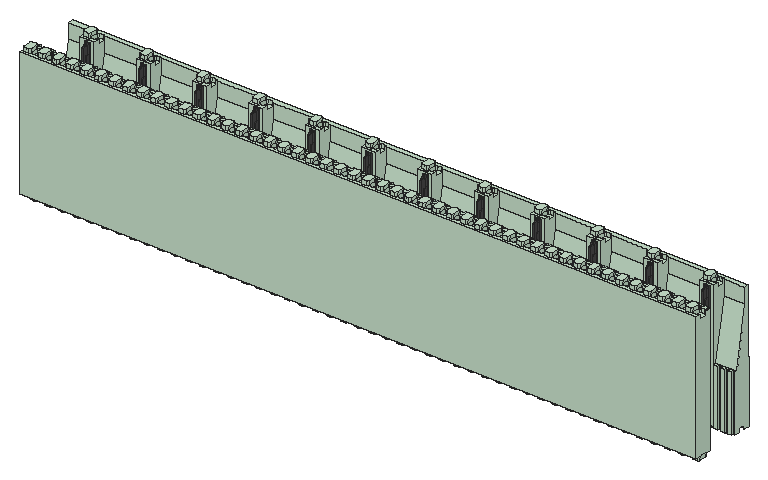
Revit family "ICF- NUDURA 4-inch Single Sided Taper Top Form Unit- Imperial", category Generic Models, Revit 2011 (continued)
Definition of nested family "NUDURA Diamond Pattern"
  Lines and regions (in)
    model lines
      curve 86: arc (4.17062, -5.625, 10.30178) -> (3.99384, -5.625, 10.375) -> (3.81706, -5.625, 10.30178) r 0.25
      curve 87: line (3.81706, -5.625, 10.30178) -> (3.44206, -5.625, 9.92678)
      curve 88: arc (3.44206, -5.625, 9.92678) -> (3.36884, -5.625, 9.75) -> (3.44206, -5.625, 9.57322) r 0.25
      curve 89: line (3.44206, -5.625, 9.57322) -> (3.81706, -5.625, 9.19822)
      curve 90: arc (3.81706, -5.625, 9.19822) -> (3.99384, -5.625, 9.125) -> (4.17062, -5.625, 9.19822) r 0.25
      curve 91: line (4.17062, -5.625, 9.19822) -> (4.54562, -5.625, 9.57322)
      curve 92: arc (4.54562, -5.625, 9.57322) -> (4.61884, -5.625, 9.75) -> (4.54562, -5.625, 9.92678) r 0.25
      curve 93: line (4.54562, -5.625, 9.92678) -> (4.17062, -5.625, 10.30178)
      curve 94: arc (3.69709, -5.625, 8.85858) -> (3.75567, -5.625, 9) -> (3.69709, -5.625, 9.14142) r 0.2
      curve 95: line (4.634, -5.625, 8.51517) -> (4.29059, -5.625, 8.85858)
      curve 96: arc (4.634, -5.625, 7.98484) -> (4.74384, -5.625, 8.25) -> (4.634, -5.625, 8.51517) r 0.375
      curve 97: line (4.29059, -5.625, 7.64142) -> (4.634, -5.625, 7.98484)
      curve 98: line (3.35367, -5.625, 7.98484) -> (3.69709, -5.625, 7.64142)
      curve 99: arc (3.35367, -5.625, 8.51517) -> (3.24384, -5.625, 8.25) -> (3.35367, -5.625, 7.98484) r 0.375
      curve 100: line (3.69709, -5.625, 8.85858) -> (3.35367, -5.625, 8.51517)
      curve 101: arc (4.17062, -5.625, 8.80178) -> (3.99384, -5.625, 8.875) -> (3.81706, -5.625, 8.80178) r 0.25
      curve 102: line (3.81706, -5.625, 8.80178) -> (3.44206, -5.625, 8.42678)
      curve 103: arc (3.44206, -5.625, 8.42678) -> (3.36884, -5.625, 8.25) -> (3.44206, -5.625, 8.07322) r 0.25
      curve 104: line (3.44206, -5.625, 8.07322) -> (3.81706, -5.625, 7.69822)
      curve 105: arc (3.81706, -5.625, 7.69822) -> (3.99384, -5.625, 7.625) -> (4.17062, -5.625, 7.69822) r 0.25
      curve 106: line (4.17062, -5.625, 7.69822) -> (4.54562, -5.625, 8.07322)
      curve 107: arc (4.54562, -5.625, 8.07322) -> (4.61884, -5.625, 8.25) -> (4.54562, -5.625, 8.42678) r 0.25
      curve 108: line (4.54562, -5.625, 8.42678) -> (4.17062, -5.625, 8.80178)
      curve 109: arc (3.69709, -5.625, 7.35858) -> (3.75567, -5.625, 7.5) -> (3.69709, -5.625, 7.64142) r 0.2
      curve 110: line (4.634, -5.625, 7.01517) -> (4.29059, -5.625, 7.35858)
      curve 111: arc (4.634, -5.625, 6.48484) -> (4.74384, -5.625, 6.75) -> (4.634, -5.625, 7.01517) r 0.375
      curve 112: line (4.29059, -5.625, 6.14142) -> (4.634, -5.625, 6.48484)
      curve 113: line (3.35367, -5.625, 6.48484) -> (3.69709, -5.625, 6.14142)
      curve 114: arc (3.35367, -5.625, 7.01517) -> (3.24384, -5.625, 6.75) -> (3.35367, -5.625, 6.48484) r 0.375
      curve 115: line (3.69709, -5.625, 7.35858) -> (3.35367, -5.625, 7.01517)
      curve 116: arc (4.17062, -5.625, 7.30178) -> (3.99384, -5.625, 7.375) -> (3.81706, -5.625, 7.30178) r 0.25
      curve 117: line (3.81706, -5.625, 7.30178) -> (3.44206, -5.625, 6.92678)
      curve 118: arc (3.44206, -5.625, 6.92678) -> (3.36884, -5.625, 6.75) -> (3.44206, -5.625, 6.57322) r 0.25
      curve 119: line (3.44206, -5.625, 6.57322) -> (3.81706, -5.625, 6.19822)
      curve 120: arc (3.81706, -5.625, 6.19822) -> (3.99384, -5.625, 6.125) -> (4.17062, -5.625, 6.19822) r 0.25
      curve 121: line (4.17062, -5.625, 6.19822) -> (4.54562, -5.625, 6.57322)
      curve 122: arc (4.54562, -5.625, 6.57322) -> (4.61884, -5.625, 6.75) -> (4.54562, -5.625, 6.92678) r 0.25
      curve 123: line (4.54562, -5.625, 6.92678) -> (4.17062, -5.625, 7.30178)
      curve 124: arc (3.69709, -5.625, 5.85858) -> (3.75567, -5.625, 6) -> (3.69709, -5.625, 6.14142) r 0.2
      curve 125: line (4.634, -5.625, 5.51517) -> (4.29059, -5.625, 5.85858)
      curve 126: arc (4.634, -5.625, 4.98484) -> (4.74384, -5.625, 5.25) -> (4.634, -5.625, 5.51517) r 0.375
      curve 127: line (4.29059, -5.625, 4.64142) -> (4.634, -5.625, 4.98484)
      curve 128: line (3.35367, -5.625, 4.98484) -> (3.69709, -5.625, 4.64142)
      curve 129: arc (3.35367, -5.625, 5.51517) -> (3.24384, -5.625, 5.25) -> (3.35367, -5.625, 4.98484) r 0.375
      curve 130: line (3.69709, -5.625, 5.85858) -> (3.35367, -5.625, 5.51517)
      curve 131: arc (4.17062, -5.625, 5.80178) -> (3.99384, -5.625, 5.875) -> (3.81706, -5.625, 5.80178) r 0.25
      curve 132: line (3.81706, -5.625, 5.80178) -> (3.44206, -5.625, 5.42678)
      curve 133: arc (3.44206, -5.625, 5.42678) -> (3.36884, -5.625, 5.25) -> (3.44206, -5.625, 5.07322) r 0.25
      curve 134: line (3.44206, -5.625, 5.07322) -> (3.81706, -5.625, 4.69822)
      curve 135: arc (3.81706, -5.625, 4.69822) -> (3.99384, -5.625, 4.625) -> (4.17062, -5.625, 4.69822) r 0.25
      curve 136: line (4.17062, -5.625, 4.69822) -> (4.54562, -5.625, 5.07322)
      curve 137: arc (4.54562, -5.625, 5.07322) -> (4.61884, -5.625, 5.25) -> (4.54562, -5.625, 5.42678) r 0.25
      curve 138: line (4.54562, -5.625, 5.42678) -> (4.17062, -5.625, 5.80178)
      curve 139: arc (3.69709, -5.625, 4.35858) -> (3.75567, -5.625, 4.5) -> (3.69709, -5.625, 4.64142) r 0.2
      curve 140: line (4.634, -5.625, 4.01517) -> (4.29059, -5.625, 4.35858)
      curve 141: arc (4.634, -5.625, 3.48484) -> (4.74384, -5.625, 3.75) -> (4.634, -5.625, 4.01517) r 0.375
      curve 142: line (4.29059, -5.625, 3.14142) -> (4.634, -5.625, 3.48484)
      curve 143: line (3.35367, -5.625, 3.48484) -> (3.69709, -5.625, 3.14142)
      curve 144: arc (3.35367, -5.625, 4.01517) -> (3.24384, -5.625, 3.75) -> (3.35367, -5.625, 3.48484) r 0.375
      curve 145: line (3.69709, -5.625, 4.35858) -> (3.35367, -5.625, 4.01517)
      curve 146: arc (4.17062, -5.625, 4.30178) -> (3.99384, -5.625, 4.375) -> (3.81706, -5.625, 4.30178) r 0.25
      curve 147: line (3.81706, -5.625, 4.30178) -> (3.44206, -5.625, 3.92678)
      curve 148: arc (3.44206, -5.625, 3.92678) -> (3.36884, -5.625, 3.75) -> (3.44206, -5.625, 3.57322) r 0.25
      curve 149: line (3.44206, -5.625, 3.57322) -> (3.81706, -5.625, 3.19822)
      curve 150: arc (3.81706, -5.625, 3.19822) -> (3.99384, -5.625, 3.125) -> (4.17062, -5.625, 3.19822) r 0.25
      curve 151: line (4.17062, -5.625, 3.19822) -> (4.54562, -5.625, 3.57322)
      curve 152: arc (4.54562, -5.625, 3.57322) -> (4.61884, -5.625, 3.75) -> (4.54562, -5.625, 3.92678) r 0.25
      curve 153: line (4.54562, -5.625, 3.92678) -> (4.17062, -5.625, 4.30178)
      curve 154: arc (3.69709, -5.625, 2.85858) -> (3.75567, -5.625, 3) -> (3.69709, -5.625, 3.14142) r 0.2
      curve 155: line (4.634, -5.625, 2.51517) -> (4.29059, -5.625, 2.85858)
      curve 156: arc (4.634, -5.625, 1.98484) -> (4.74384, -5.625, 2.25) -> (4.634, -5.625, 2.51517) r 0.375
      curve 157: line (4.29059, -5.625, 1.64142) -> (4.634, -5.625, 1.98484)
      curve 158: line (3.35367, -5.625, 1.98484) -> (3.69709, -5.625, 1.64142)
      curve 159: arc (3.35367, -5.625, 2.51517) -> (3.24384, -5.625, 2.25) -> (3.35367, -5.625, 1.98484) r 0.375
      curve 160: line (3.69709, -5.625, 2.85858) -> (3.35367, -5.625, 2.51517)
      curve 161: arc (4.17062, -5.625, 2.80178) -> (3.99384, -5.625, 2.875) -> (3.81706, -5.625, 2.80178) r 0.25
      curve 162: line (3.81706, -5.625, 2.80178) -> (3.44206, -5.625, 2.42678)
      curve 163: arc (3.44206, -5.625, 2.42678) -> (3.36884, -5.625, 2.25) -> (3.44206, -5.625, 2.07322) r 0.25
      curve 164: line (3.44206, -5.625, 2.07322) -> (3.81706, -5.625, 1.69822)
      curve 165: arc (3.81706, -5.625, 1.69822) -> (3.99384, -5.625, 1.625) -> (4.17062, -5.625, 1.69822) r 0.25
      curve 166: line (4.17062, -5.625, 1.69822) -> (4.54562, -5.625, 2.07322)
      curve 167: arc (4.54562, -5.625, 2.07322) -> (4.61884, -5.625, 2.25) -> (4.54562, -5.625, 2.42678) r 0.25
      curve 168: line (4.54562, -5.625, 2.42678) -> (4.17062, -5.625, 2.80178)
      curve 169: arc (3.69709, -5.625, 1.35858) -> (3.75567, -5.625, 1.5) -> (3.69709, -5.625, 1.64142) r 0.2
      curve 170: line (3.69709, -5.625, 1.35858) -> (3.35367, -5.625, 1.01517)
      curve 171: arc (3.35367, -5.625, 1.01517) -> (3.24384, -5.625, 0.75) -> (3.35367, -5.625, 0.48484) r 0.375
      curve 172: line (3.35367, -5.625, 0.48484) -> (3.72867, -5.625, 0.10984)
      curve 173: arc (3.72867, -5.625, 0.10984) -> (3.99384, -5.625, 0) -> (4.259, -5.625, 0.10984) r 0.375
      curve 174: line (4.259, -5.625, 0.10984) -> (4.634, -5.625, 0.48484)
      curve 175: arc (4.634, -5.625, 0.48484) -> (4.74384, -5.625, 0.75) -> (4.634, -5.625, 1.01517) r 0.375
      curve 176: line (4.634, -5.625, 1.01517) -> (4.29059, -5.625, 1.35858)
      curve 177: arc (4.29059, -5.625, 1.64142) -> (4.23201, -5.625, 1.5) -> (4.29059, -5.625, 1.35858) r 0.2
      curve 178: arc (4.17062, -5.625, 1.30178) -> (3.99384, -5.625, 1.375) -> (3.81706, -5.625, 1.30178) r 0.25
      curve 179: line (4.54562, -5.625, 0.92678) -> (4.17062, -5.625, 1.30178)
      curve 180: arc (4.54562, -5.625, 0.57322) -> (4.61884, -5.625, 0.75) -> (4.54562, -5.625, 0.92678) r 0.25
      curve 181: line (4.17062, -5.625, 0.19822) -> (4.54562, -5.625, 0.57322)
      curve 182: arc (3.81706, -5.625, 0.19822) -> (3.99384, -5.625, 0.125) -> (4.17062, -5.625, 0.19822) r 0.25
      curve 183: line (3.44206, -5.625, 0.57322) -> (3.81706, -5.625, 0.19822)
      curve 184: arc (3.44206, -5.625, 0.92678) -> (3.36884, -5.625, 0.75) -> (3.44206, -5.625, 0.57322) r 0.25
      curve 185: line (3.81706, -5.625, 1.30178) -> (3.44206, -5.625, 0.92678)
      curve 186: arc (4.29059, -5.625, 3.14142) -> (4.23201, -5.625, 3) -> (4.29059, -5.625, 2.85858) r 0.2
      curve 187: arc (4.29059, -5.625, 4.64142) -> (4.23201, -5.625, 4.5) -> (4.29059, -5.625, 4.35858) r 0.2
      curve 188: arc (4.29059, -5.625, 6.14142) -> (4.23201, -5.625, 6) -> (4.29059, -5.625, 5.85858) r 0.2
      curve 189: arc (4.29059, -5.625, 7.64142) -> (4.23201, -5.625, 7.5) -> (4.29059, -5.625, 7.35858) r 0.2
      curve 190: arc (4.29059, -5.625, 9.14142) -> (4.23201, -5.625, 9) -> (4.29059, -5.625, 8.85858) r 0.2
      curve 191: arc (4.29059, -5.625, 10.64142) -> (4.23201, -5.625, 10.5) -> (4.29059, -5.625, 10.35858) r 0.2
      curve 192: arc (4.29059, -5.625, 12.14142) -> (4.23201, -5.625, 12) -> (4.29059, -5.625, 11.85858) r 0.2
      curve 193: arc (4.29059, -5.625, 13.64142) -> (4.23201, -5.625, 13.5) -> (4.29059, -5.625, 13.35858) r 0.2
      curve 194: arc (4.29059, -5.625, 15.14142) -> (4.23201, -5.625, 15) -> (4.29059, -5.625, 14.85858) r 0.2
      curve 195: arc (4.29059, -5.625, 16.64142) -> (4.23201, -5.625, 16.5) -> (4.29059, -5.625, 16.35858) r 0.2
Definition of nested family "NUDURA Logo Diamond"
  Reference planes (in)
    plane 1 "Center (Front/Back)": y = 0
    plane 2: z = 0
    plane 3 "Center (Left/Right)": x = 0
  Lines and regions (in)
    model lines
      curve 1: line (12.59848, 0, 17.50104) -> (12.24492, 0, 17.85459)
      curve 2: line (12.36113, 0, 16.76872) -> (12.59848, 0, 17.00607)
      curve 3: line (12.59848, 0, 16.00104) -> (12.36113, 0, 16.23839)
      curve 4: line (12.36113, 0, 15.26872) -> (12.59848, 0, 15.50607)
      curve 5: line (12.59848, 0, 14.50104) -> (12.36113, 0, 14.73839)
      curve 6: line (12.36113, 0, 13.76872) -> (12.59848, 0, 14.00607)
      curve 7: line (12.17421, 0, 13.28388) -> (12.71208, 0, 12.74602)
      curve 8: line (12.71208, 0, 12.74602) -> (12.78279, 0, 12.81673)
      curve 9: line (11.28279, 0, 12.74602) -> (11.82066, 0, 13.28388)
      curve 10: line (11.63374, 0, 13.23839) -> (11.21208, 0, 12.81673)
      curve 11: line (11.3964, 0, 14.00607) -> (11.63374, 0, 13.76872)
      curve 12: line (11.63374, 0, 14.73839) -> (11.3964, 0, 14.50104)
      curve 13: line (11.3964, 0, 15.50607) -> (11.63374, 0, 15.26872)
      curve 14: line (11.63374, 0, 16.23839) -> (11.3964, 0, 16.00104)
      curve 15: line (11.3964, 0, 17.00607) -> (11.63374, 0, 16.76872)
      curve 16: line (11.74995, 0, 17.85459) -> (11.3964, 0, 17.50104)
      curve 17: line (11.82066, 0, 17.78388) -> (11.46711, 0, 17.43033)
      curve 18: line (12.52777, 0, 17.43033) -> (12.17421, 0, 17.78388)
      curve 19: line (12.17421, 0, 16.72322) -> (12.52777, 0, 17.07678)
      curve 20: line (11.46711, 0, 17.07678) -> (11.82066, 0, 16.72322)
      curve 21: arc (11.3964, 0, 17.50104) -> (11.29388, 0, 17.25355) -> (11.3964, 0, 17.00607) r 0.35
      curve 22: arc (11.74995, 0, 17.85459) -> (11.99744, 0, 17.95711) -> (12.24492, 0, 17.85459) r 0.35
      curve 23: arc (11.46711, 0, 17.43033) -> (11.39388, 0, 17.25355) -> (11.46711, 0, 17.07678) r 0.25
      curve 24: arc (12.52777, 0, 17.43033) -> (12.60099, 0, 17.25355) -> (12.52777, 0, 17.07678) r 0.25
      curve 25: arc (12.17421, 0, 16.72322) -> (11.99744, 0, 16.65) -> (11.82066, 0, 16.72322) r 0.25
      curve 26: arc (11.82066, 0, 17.78388) -> (11.99744, 0, 17.85711) -> (12.17421, 0, 17.78388) r 0.25
      curve 27: arc (12.59848, 0, 17.50104) -> (12.70099, 0, 17.25355) -> (12.59848, 0, 17.00607) r 0.35
      curve 28: arc (11.63374, 0, 16.76872) -> (11.74358, 0, 16.50355) -> (11.63374, 0, 16.23839) r 0.375
      curve 29: arc (12.36113, 0, 16.76872) -> (12.2513, 0, 16.50355) -> (12.36113, 0, 16.23839) r 0.375
      curve 30: line (12.36113, 0, 15.26872) -> (12.59848, 0, 15.50607)
      curve 31: line (11.3964, 0, 15.50607) -> (11.63374, 0, 15.26872)
      curve 32: line (11.82066, 0, 16.28388) -> (11.46711, 0, 15.93033)
      curve 33: line (12.52777, 0, 15.93033) -> (12.17421, 0, 16.28388)
      curve 34: line (12.17421, 0, 15.22322) -> (12.52777, 0, 15.57678)
      curve 35: line (11.46711, 0, 15.57678) -> (11.82066, 0, 15.22322)
      curve 36: arc (11.3964, 0, 16.00104) -> (11.29388, 0, 15.75355) -> (11.3964, 0, 15.50607) r 0.35
      curve 37: arc (11.46711, 0, 15.93033) -> (11.39388, 0, 15.75355) -> (11.46711, 0, 15.57678) r 0.25
      curve 38: arc (12.52777, 0, 15.93033) -> (12.60099, 0, 15.75355) -> (12.52777, 0, 15.57678) r 0.25
      curve 39: arc (12.17421, 0, 15.22322) -> (11.99744, 0, 15.15) -> (11.82066, 0, 15.22322) r 0.25
      curve 40: arc (11.82066, 0, 16.28388) -> (11.99744, 0, 16.35711) -> (12.17421, 0, 16.28388) r 0.25
      curve 41: arc (12.59848, 0, 16.00104) -> (12.70099, 0, 15.75355) -> (12.59848, 0, 15.50607) r 0.35
      curve 42: line (11.63374, 0, 16.23839) -> (11.3964, 0, 16.00104)
      curve 43: line (12.59848, 0, 16.00104) -> (12.36113, 0, 16.23839)
      curve 44: arc (11.63374, 0, 15.26872) -> (11.74358, 0, 15.00355) -> (11.63374, 0, 14.73839) r 0.375
      curve 45: arc (12.36113, 0, 15.26872) -> (12.2513, 0, 15.00355) -> (12.36113, 0, 14.73839) r 0.375
      curve 46: line (12.36113, 0, 13.76872) -> (12.59848, 0, 14.00607)
      curve 47: line (11.3964, 0, 14.00607) -> (11.63374, 0, 13.76872)
      curve 48: line (11.82066, 0, 14.78388) -> (11.46711, 0, 14.43033)
      curve 49: line (12.52777, 0, 14.43033) -> (12.17421, 0, 14.78388)
      curve 50: line (12.17421, 0, 13.72322) -> (12.52777, 0, 14.07678)
      curve 51: line (11.46711, 0, 14.07678) -> (11.82066, 0, 13.72322)
      curve 52: arc (11.3964, 0, 14.50104) -> (11.29388, 0, 14.25355) -> (11.3964, 0, 14.00607) r 0.35
      curve 53: arc (11.46711, 0, 14.43033) -> (11.39388, 0, 14.25355) -> (11.46711, 0, 14.07678) r 0.25
      curve 54: arc (12.52777, 0, 14.43033) -> (12.60099, 0, 14.25355) -> (12.52777, 0, 14.07678) r 0.25
      curve 55: arc (12.17421, 0, 13.72322) -> (11.99744, 0, 13.65) -> (11.82066, 0, 13.72322) r 0.25
      curve 56: arc (11.82066, 0, 14.78388) -> (11.99744, 0, 14.85711) -> (12.17421, 0, 14.78388) r 0.25
      curve 57: arc (12.59848, 0, 14.50104) -> (12.70099, 0, 14.25355) -> (12.59848, 0, 14.00607) r 0.35
      curve 58: line (11.63374, 0, 14.73839) -> (11.3964, 0, 14.50104)
      curve 59: arc (11.63374, 0, 13.76872) -> (11.74358, 0, 13.50355) -> (11.63374, 0, 13.23839) r 0.375
      curve 60: arc (12.36113, 0, 13.76872) -> (12.2513, 0, 13.50355) -> (12.36113, 0, 13.23839) r 0.375
      curve 61: line (12.78279, 0, 12.81673) -> (12.36113, 0, 13.23839)
      curve 62: line (11.21208, 0, 12.81673) -> (11.28279, 0, 12.74602)
      curve 63: arc (11.82066, 0, 13.28388) -> (11.99744, 0, 13.35711) -> (12.17421, 0, 13.28388) r 0.25
      curve 64: line (12.59848, 0, 0.50607) -> (12.24492, 0, 0.15251)
      curve 65: line (12.36113, 0, 1.23839) -> (12.59848, 0, 1.00104)
      curve 66: line (12.59848, 0, 2.00607) -> (12.36113, 0, 1.76872)
      curve 67: line (12.36113, 0, 2.73839) -> (12.59848, 0, 2.50104)
      curve 68: line (12.59848, 0, 3.50607) -> (12.36113, 0, 3.26872)
      curve 69: line (12.36113, 0, 4.23839) -> (12.59848, 0, 4.00104)
      curve 70: line (12.17421, 0, 4.72322) -> (12.71208, 0, 5.26109)
      curve 71: line (12.71208, 0, 5.26109) -> (12.78279, 0, 5.19038)
      curve 72: line (11.28279, 0, 5.26109) -> (11.82066, 0, 4.72322)
      curve 73: line (11.63374, 0, 4.76872) -> (11.21208, 0, 5.19038)
      curve 74: line (11.3964, 0, 4.00104) -> (11.63374, 0, 4.23839)
      curve 75: line (11.63374, 0, 3.26872) -> (11.3964, 0, 3.50607)
      curve 76: line (11.3964, 0, 2.50104) -> (11.63374, 0, 2.73839)
      curve 77: line (11.63374, 0, 1.76872) -> (11.3964, 0, 2.00607)
      curve 78: line (11.3964, 0, 1.00104) -> (11.63374, 0, 1.23839)
      curve 79: line (11.74995, 0, 0.15251) -> (11.3964, 0, 0.50607)
      curve 80: line (11.82066, 0, 0.22322) -> (11.46711, 0, 0.57678)
      curve 81: line (12.52777, 0, 0.57678) -> (12.17421, 0, 0.22322)
      curve 82: line (12.17421, 0, 1.28388) -> (12.52777, 0, 0.93033)
      curve 83: line (11.46711, 0, 0.93033) -> (11.82066, 0, 1.28388)
      curve 84: arc (11.3964, 0, 0.50607) -> (11.29388, 0, 0.75355) -> (11.3964, 0, 1.00104) r 0.35
      curve 85: arc (11.74995, 0, 0.15251) -> (11.99744, 0, 0.05) -> (12.24492, 0, 0.15251) r 0.35
      curve 86: arc (11.46711, 0, 0.57678) -> (11.39388, 0, 0.75355) -> (11.46711, 0, 0.93033) r 0.25
      curve 87: arc (12.52777, 0, 0.57678) -> (12.60099, 0, 0.75355) -> (12.52777, 0, 0.93033) r 0.25
      curve 88: arc (12.17421, 0, 1.28388) -> (11.99744, 0, 1.35711) -> (11.82066, 0, 1.28388) r 0.25
      curve 89: arc (11.82066, 0, 0.22322) -> (11.99744, 0, 0.15) -> (12.17421, 0, 0.22322) r 0.25
      curve 90: arc (12.59848, 0, 0.50607) -> (12.70099, 0, 0.75355) -> (12.59848, 0, 1.00104) r 0.35
      curve 91: arc (11.63374, 0, 1.23839) -> (11.74358, 0, 1.50355) -> (11.63374, 0, 1.76872) r 0.375
      curve 92: arc (12.36113, 0, 1.23839) -> (12.2513, 0, 1.50355) -> (12.36113, 0, 1.76872) r 0.375
      curve 93: line (12.36113, 0, 2.73839) -> (12.59848, 0, 2.50104)
      curve 94: line (11.3964, 0, 2.50104) -> (11.63374, 0, 2.73839)
      curve 95: line (11.82066, 0, 1.72322) -> (11.46711, 0, 2.07678)
      curve 96: line (12.52777, 0, 2.07678) -> (12.17421, 0, 1.72322)
      curve 97: line (12.17421, 0, 2.78388) -> (12.52777, 0, 2.43033)
      curve 98: line (11.46711, 0, 2.43033) -> (11.82066, 0, 2.78388)
      curve 99: arc (11.3964, 0, 2.00607) -> (11.29388, 0, 2.25355) -> (11.3964, 0, 2.50104) r 0.35
      curve 100: arc (11.46711, 0, 2.07678) -> (11.39388, 0, 2.25355) -> (11.46711, 0, 2.43033) r 0.25
      curve 101: arc (12.52777, 0, 2.07678) -> (12.60099, 0, 2.25355) -> (12.52777, 0, 2.43033) r 0.25
      curve 102: arc (12.17421, 0, 2.78388) -> (11.99744, 0, 2.85711) -> (11.82066, 0, 2.78388) r 0.25
      curve 103: arc (11.82066, 0, 1.72322) -> (11.99744, 0, 1.65) -> (12.17421, 0, 1.72322) r 0.25
      curve 104: arc (12.59848, 0, 2.00607) -> (12.70099, 0, 2.25355) -> (12.59848, 0, 2.50104) r 0.35
      curve 105: line (11.63374, 0, 1.76872) -> (11.3964, 0, 2.00607)
      curve 106: line (12.59848, 0, 2.00607) -> (12.36113, 0, 1.76872)
      curve 107: arc (11.63374, 0, 2.73839) -> (11.74358, 0, 3.00355) -> (11.63374, 0, 3.26872) r 0.375
      curve 108: arc (12.36113, 0, 2.73839) -> (12.2513, 0, 3.00355) -> (12.36113, 0, 3.26872) r 0.375
      curve 109: line (12.36113, 0, 4.23839) -> (12.59848, 0, 4.00104)
      curve 110: line (11.3964, 0, 4.00104) -> (11.63374, 0, 4.23839)
      curve 111: line (11.82066, 0, 3.22322) -> (11.46711, 0, 3.57678)
      curve 112: line (12.52777, 0, 3.57678) -> (12.17421, 0, 3.22322)
      curve 113: line (12.17421, 0, 4.28388) -> (12.52777, 0, 3.93033)
      curve 114: line (11.46711, 0, 3.93033) -> (11.82066, 0, 4.28388)
      curve 115: arc (11.3964, 0, 3.50607) -> (11.29388, 0, 3.75355) -> (11.3964, 0, 4.00104) r 0.35
      curve 116: arc (11.46711, 0, 3.57678) -> (11.39388, 0, 3.75355) -> (11.46711, 0, 3.93033) r 0.25
      curve 117: arc (12.52777, 0, 3.57678) -> (12.60099, 0, 3.75355) -> (12.52777, 0, 3.93033) r 0.25
      curve 118: arc (12.17421, 0, 4.28388) -> (11.99744, 0, 4.35711) -> (11.82066, 0, 4.28388) r 0.25
      curve 119: arc (11.82066, 0, 3.22322) -> (11.99744, 0, 3.15) -> (12.17421, 0, 3.22322) r 0.25
      curve 120: arc (12.59848, 0, 3.50607) -> (12.70099, 0, 3.75355) -> (12.59848, 0, 4.00104) r 0.35
      curve 121: line (11.63374, 0, 3.26872) -> (11.3964, 0, 3.50607)
      curve 122: arc (11.63374, 0, 4.23839) -> (11.74358, 0, 4.50355) -> (11.63374, 0, 4.76872) r 0.375
      curve 123: arc (12.36113, 0, 4.23839) -> (12.2513, 0, 4.50355) -> (12.36113, 0, 4.76872) r 0.375
      curve 124: line (12.78279, 0, 5.19038) -> (12.36113, 0, 4.76872)
      curve 125: line (11.21208, 0, 5.19038) -> (11.28279, 0, 5.26109)
      curve 126: arc (11.82066, 0, 4.72322) -> (11.99744, 0, 4.65) -> (12.17421, 0, 4.72322) r 0.25
      curve 127: line (12.37244, 0, 12.50355) -> (11.62244, 0, 12.50355)
      curve 128: line (12.74744, 0, 5.87855) -> (12.74744, 0, 12.12855)
      curve 129: line (11.24744, 0, 12.12855) -> (11.24744, 0, 5.87855)
      curve 130: line (11.62244, 0, 5.50355) -> (12.37244, 0, 5.50355)
      curve 131: line (12.47232, 0, 12.00355) -> (12.0393, 0, 12.25355)
      curve 132: line (12.47232, 0, 11.50355) -> (12.47232, 0, 12.00355)
      curve 133: line (12.25581, 0, 11.37855) -> (12.47232, 0, 11.50355)
      curve 134: line (12.02256, 0, 11.51322) -> (12.25581, 0, 11.37855)
      curve 135: line (12.22232, 0, 11.62855) -> (12.02256, 0, 11.51322)
      curve 136: line (11.80605, 0, 12.11888) -> (12.22232, 0, 11.87855)
      curve 137: line (12.22232, 0, 11.87855) -> (12.22232, 0, 11.62855)
      curve 138: line (12.0393, 0, 12.25355) -> (11.80605, 0, 12.11888)
      curve 139: line (11.77256, 0, 11.63822) -> (11.97232, 0, 11.75355)
      curve 140: line (11.97232, 0, 11.75355) -> (11.73906, 0, 11.88822)
      curve 141: line (11.73906, 0, 11.88822) -> (11.52256, 0, 11.76322)
      curve 142: line (11.52256, 0, 11.76322) -> (11.52256, 0, 11.26322)
      curve 143: line (11.77256, 0, 11.38822) -> (11.77256, 0, 11.63822)
      curve 144: line (12.18882, 0, 11.14789) -> (11.77256, 0, 11.38822)
      curve 145: line (11.95557, 0, 11.01322) -> (12.18882, 0, 11.14789)
      curve 146: line (11.52256, 0, 11.26322) -> (11.95557, 0, 11.01322)
      curve 147: line (12.31108, 0, 10.60411) -> (11.68379, 0, 10.74458)
      curve 148: line (11.68379, 0, 10.74458) -> (11.68379, 0, 10.51321)
      curve 149: line (11.68379, 0, 10.51321) -> (12.1295, 0, 10.41405)
      curve 150: line (12.1295, 0, 10.41405) -> (11.68379, 0, 10.27358)
      curve 151: line (11.68379, 0, 10.27358) -> (11.68379, 0, 9.8852)
      curve 152: line (11.68379, 0, 9.8852) -> (12.17077, 0, 9.77615)
      curve 153: line (12.17077, 0, 9.77615) -> (12.17077, 0, 9.74472)
      curve 154: line (12.17077, 0, 9.74472) -> (11.86146, 0, 9.80279)
      curve 155: line (11.68379, 0, 9.65536) -> (11.68379, 0, 9.35864)
      curve 156: line (12.07077, 0, 8.74385) -> (12.07077, 0, 8.99996)
      curve 157: line (12.07077, 0, 8.99996) -> (11.68379, 0, 9.08605)
      curve 158: line (11.68379, 0, 9.08605) -> (11.68379, 0, 8.47809)
      curve 159: line (11.91823, 0, 9.06589) -> (12.31108, 0, 8.97792)
      curve 160: line (11.82444, 0, 8.55476) -> (11.82444, 0, 8.79865)
      curve 161: line (11.82444, 0, 8.79865) -> (12.07077, 0, 8.74385)
      curve 162: line (11.68379, 0, 8.07193) -> (11.68379, 0, 7.77522)
      curve 163: line (11.91823, 0, 7.48247) -> (12.21108, 0, 7.41688)
      curve 164: line (12.21108, 0, 7.41688) -> (12.21108, 0, 6.95405)
      curve 165: line (12.16108, 0, 6.90405) -> (12.12077, 0, 6.90405)
      curve 166: line (12.07077, 0, 6.95405) -> (12.07077, 0, 7.08675)
      curve 167: line (12.07077, 0, 7.08675) -> (12.12077, 0, 7.07556)
      curve 168: line (12.12077, 0, 7.07556) -> (12.12077, 0, 7.33463)
      curve 169: line (12.12077, 0, 7.33463) -> (11.68379, 0, 7.43249)
      curve 170: line (11.68379, 0, 7.43249) -> (11.68379, 0, 7.17341)
      curve 171: line (11.68379, 0, 7.17341) -> (11.97077, 0, 7.10915)
      curve 172: line (11.97077, 0, 7.10915) -> (11.97077, 0, 6.99425)
      curve 173: line (11.92077, 0, 6.94425) -> (11.68379, 0, 6.94425)
      curve 174: line (11.68379, 0, 6.94425) -> (11.68379, 0, 6.45682)
      curve 175: line (11.68379, 0, 6.45682) -> (11.78284, 0, 6.38658)
      curve 176: line (11.78284, 0, 6.38658) -> (11.78284, 0, 6.05178)
      curve 177: line (12.12371, 0, 6.14486) -> (11.88284, 0, 6.31567)
      curve 178: line (11.88284, 0, 6.31567) -> (11.88284, 0, 6.07909)
      curve 179: line (11.88284, 0, 6.07909) -> (12.12371, 0, 6.14486)
      curve 180: line (11.78284, 0, 6.05178) -> (11.68379, 0, 6.02474)
      curve 181: line (11.68379, 0, 6.02474) -> (11.68379, 0, 5.75355)
      curve 182: line (11.68379, 0, 5.75355) -> (12.31108, 0, 5.92483)
      curve 183: line (12.31108, 0, 5.92483) -> (12.31108, 0, 6.28791)
      curve 184: line (12.31108, 0, 6.28791) -> (11.76249, 0, 6.67694)
      curve 185: line (11.76249, 0, 6.67694) -> (11.90321, 0, 6.67694)
      curve 186: line (12.31108, 0, 6.78674) -> (12.31108, 0, 7.63562)
      curve 187: line (12.31108, 0, 7.63562) -> (11.90258, 0, 7.7271)
      curve 188: line (11.82444, 0, 7.82469) -> (11.82444, 0, 7.92839)
      curve 189: line (11.88536, 0, 7.97718) -> (12.31108, 0, 7.88185)
      curve 190: line (12.31108, 0, 7.88185) -> (12.31108, 0, 8.13496)
      curve 191: line (12.31108, 0, 8.13496) -> (12.08042, 0, 8.17826)
      curve 192: line (12.31108, 0, 8.38353) -> (12.31108, 0, 8.9465)
      curve 193: line (12.31108, 0, 8.9465) -> (12.17077, 0, 8.97771)
      curve 194: line (12.17077, 0, 8.97771) -> (12.17077, 0, 8.55476)
      curve 195: line (12.31108, 0, 8.97792) -> (12.31108, 0, 9.21905)
      curve 196: line (12.31108, 0, 9.21905) -> (11.90258, 0, 9.31053)
      curve 197: line (11.82444, 0, 9.40811) -> (11.82444, 0, 9.51182)
      curve 198: line (11.87938, 0, 9.56195) -> (12.31108, 0, 9.46528)
      curve 199: line (12.31108, 0, 9.46528) -> (12.31108, 0, 9.98469)
      curve 200: line (12.31108, 0, 9.98469) -> (11.90664, 0, 10.07526)
      curve 201: line (11.90664, 0, 10.07526) -> (12.31108, 0, 10.20747)
      curve 202: line (12.31108, 0, 10.20747) -> (12.31108, 0, 10.60411)
      curve 203: arc (11.68379, 0, 9.65536) -> (11.73801, 0, 9.7708) -> (11.86146, 0, 9.80279) r 0.15
      curve 204: arc (11.68379, 0, 9.35864) -> (11.74962, 0, 9.17112) -> (11.91823, 0, 9.06589) r 0.3
      curve 205: arc (11.84417, 0, 8.22149) -> (11.72718, 0, 8.32679) -> (11.68379, 0, 8.47809) r 0.28547
      curve 206: arc (11.68379, 0, 8.07193) -> (11.73147, 0, 8.18158) -> (11.84417, 0, 8.22149) r 0.14992
      curve 207: arc (11.68379, 0, 7.77522) -> (11.74962, 0, 7.58769) -> (11.91823, 0, 7.48247) r 0.3
      curve 208: arc (11.82444, 0, 7.82469) -> (11.84638, 0, 7.76218) -> (11.90258, 0, 7.7271) r 0.1
      curve 209: arc (11.82444, 0, 7.92839) -> (11.84318, 0, 7.96742) -> (11.88536, 0, 7.97718) r 0.05
      curve 210: arc (12.12077, 0, 6.90405) -> (12.08541, 0, 6.91869) -> (12.07077, 0, 6.95405) r 0.05
      curve 211: arc (12.16108, 0, 6.90405) -> (12.19644, 0, 6.91869) -> (12.21108, 0, 6.95405) r 0.05
      curve 212: arc (11.97077, 0, 6.99425) -> (11.95612, 0, 6.95889) -> (11.92077, 0, 6.94425) r 0.05
      curve 213: arc (11.90321, 0, 6.67694) -> (11.96756, 0, 6.70069) -> (12.00104, 0, 6.76055) r 0.09904
      curve 214: arc (12.00104, 0, 6.76055) -> (12.1681, 0, 6.63117) -> (12.31108, 0, 6.78674) r 0.15613
      curve 215: arc (12.08042, 0, 8.17826) -> (12.24181, 0, 8.22914) -> (12.31108, 0, 8.38353) r 0.20667
      curve 216: arc (11.82444, 0, 8.55476) -> (11.9976, 0, 8.3816) -> (12.17077, 0, 8.55476) r 0.17317
      curve 217: arc (11.82444, 0, 9.40811) -> (11.84638, 0, 9.34561) -> (11.90258, 0, 9.31053) r 0.1
      curve 218: arc (11.82444, 0, 9.51182) -> (11.8459, 0, 9.55306) -> (11.892, 0, 9.55913) r 0.05034
      curve 219: arc (11.24744, 0, 12.12855) -> (11.35727, 0, 12.39372) -> (11.62244, 0, 12.50355) r 0.375
      curve 220: arc (12.37244, 0, 12.50355) -> (12.6376, 0, 12.39372) -> (12.74744, 0, 12.12855) r 0.375
      curve 221: arc (11.24744, 0, 5.87855) -> (11.35727, 0, 5.61339) -> (11.62244, 0, 5.50355) r 0.375
      curve 222: arc (12.37244, 0, 5.50355) -> (12.6376, 0, 5.61339) -> (12.74744, 0, 5.87855) r 0.375
      curve 223: line (9.99744, 0, 18) -> (9.99744, 0, 0)
      curve 224: line (13.99744, 0, 18) -> (13.99744, 0, 0)
      curve 225: line (15.99744, 0, 18) -> (15.99744, 0, 0)
